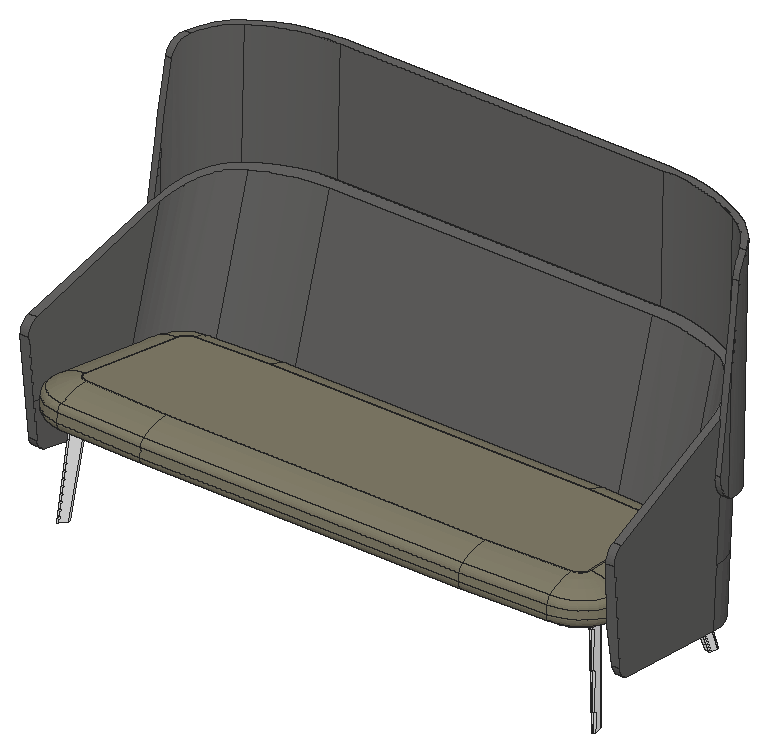
Revit family "Seating-Lounge-Teknion-STRE_Cover-R2014", category Furniture, Revit 2014 (continued)
Automatic sketch dimensions
  plane 3 "Center L/R" to SweptBlend 7 sketch curve = 1' - 7.1628"
  SweptBlend 7 sketch curve to SweptBlend 7 sketch curve = 0' - 1.41294"
  Blend 8 sketch curve to plane 18 = 0' - 5.3669"
  Blend 8 sketch curve to plane 7 "Back" = 0' - 7.14917"
  Blend 8 sketch curve to Blend 8 sketch curve = 0' - 0.05027"
  Blend 8 sketch curve to Blend 8 sketch curve = 0' - 0.56781"
  Blend 8 sketch curve to Blend 8 sketch curve = 0' - 0.589"
  Blend 8 sketch curve to Blend 8 sketch curve = 0' - 0.13348"
  Blend 8 sketch curve to Blend 8 sketch curve = 0' - 0.1557"
  Blend 8 sketch curve to Blend 8 sketch curve = 0' - 0.11851"
  Blend 8 sketch curve to Blend 8 sketch curve = 0' - 0.07278"
  Blend 8 sketch curve to Blend 8 sketch curve = 0' - 0.04133"
  Blend 8 sketch curve to Blend 8 sketch curve = 0' - 0.0953"
  Blend 8 sketch curve to Blend 8 sketch curve = 0' - 0.10732"
  Blend 8 sketch curve to Blend 8 sketch curve = 0' - 0.01202"
  Blend 8 sketch curve to Blend 8 sketch curve = 0' - 0.0697"
  Blend 8 sketch curve to plane 18 = 0' - 6.88926"
  Blend 8 sketch curve to plane 1 "Center F/B" = 0' - 5.91556"
  Blend 8 sketch curve to Blend 8 sketch curve = 0' - 0.0539"  (x2)
  Blend 8 sketch curve to Blend 8 sketch curve = 0' - 0.11947"
  Blend 8 sketch curve to Blend 8 sketch curve = 0' - 0.05424"
  Blend 8 sketch curve to Blend 8 sketch curve = 0' - 0.14918"  (x2)
  Blend 8 sketch curve to Blend 8 sketch curve = 0' - 0.06964"
  Blend 8 sketch curve to Blend 8 sketch curve = 0' - 0.13998"
  Blend 8 sketch curve to Blend 8 sketch curve = 0' - 0.01568"
  Blend 8 sketch curve to Blend 8 sketch curve = 0' - 0.09071"
  plane 18 to Blend 9 sketch curve = 0' - 4.27315"
  plane 8 "Front" to Blend 9 sketch curve = 0' - 5.02667"
  Blend 9 sketch curve to Blend 9 sketch curve = 0' - 0.04133"  (x2)
  Blend 9 sketch curve to Blend 9 sketch curve = 0' - 0.0918"
  Blend 9 sketch curve to Blend 9 sketch curve = 0' - 0.04168"
  Blend 9 sketch curve to Blend 9 sketch curve = 0' - 0.11437"  (x2)
  Blend 9 sketch curve to Blend 9 sketch curve = 0' - 0.04159"
  Blend 9 sketch curve to Blend 9 sketch curve = 0' - 0.10732"
  Blend 9 sketch curve to Blend 9 sketch curve = 0' - 0.01202"
  Blend 9 sketch curve to Blend 9 sketch curve = 0' - 0.0697"
  plane 18 to Blend 9 sketch curve = 0' - 5.67051"
  plane 8 "Front" to Blend 9 sketch curve = 0' - 6.44819"
  Blend 9 sketch curve to Blend 9 sketch curve = 0' - 0.06556"
  Blend 9 sketch curve to Blend 9 sketch curve = 0' - 0.78062"
  Blend 9 sketch curve to Blend 9 sketch curve = 0' - 0.85859"
  Blend 9 sketch curve to Blend 9 sketch curve = 0' - 0.17371"
  Blend 9 sketch curve to Blend 9 sketch curve = 0' - 0.20308"
  Blend 9 sketch curve to Blend 9 sketch curve = 0' - 0.06964"
  Blend 9 sketch curve to Blend 9 sketch curve = 0' - 0.09494"
  Blend 9 sketch curve to Blend 9 sketch curve = 0' - 0.0539"
  Blend 9 sketch curve to Blend 9 sketch curve = 0' - 0.1243"
  Blend 9 sketch curve to Blend 9 sketch curve = 0' - 0.13998"
  Blend 9 sketch curve to Blend 9 sketch curve = 0' - 0.01568"
  Blend 9 sketch curve to Blend 9 sketch curve = 0' - 0.09071"
  plane 9 to Sweep 10 sketch curve = 0' - 0.34851"
  plane 7 "Back" to Sweep 10 sketch curve = 0' - 0.66192"
  profile plane to Sweep 10 sketch curve = 0' - 11.82534"
  profile plane to Sweep 10 sketch curve = 0' - 11.75297"
  Sweep 10 sketch curve to plane 3 "Center L/R" = 2' - 10.56465"
  Sweep 10 sketch curve to Sweep 10 sketch curve = 0' - 0.07238"  (x2)
  Sweep 10 sketch curve to Sweep 10 sketch curve = 0' - 3.40214"  (x2)
  Sweep 10 sketch curve to Sweep 10 sketch curve = 0' - 0.04976"  (x2)
  profile plane to Sweep 10 sketch curve = 0' - 2.09662"  (x2)
  profile plane to Sweep 10 sketch curve = 0' - 0.05397"
  Sweep 10 sketch curve to profile plane = 0' - 0.69603"
  Sweep 10 sketch curve to Sweep 10 sketch curve = 0' - 0.68423"
  Sweep 10 sketch curve to Sweep 10 sketch curve = 0' - 7.01081"
  Sweep 10 sketch curve to Sweep 10 sketch curve = 0' - 0.32766"
  Sweep 10 sketch curve to Sweep 10 sketch curve = 0' - 0.75922"  (x2)
  Sweep 10 sketch curve to Sweep 10 sketch curve = 0' - 4.51646"  (x2)
  Sweep 10 sketch curve to Sweep 10 sketch curve = 0' - 9.7351"
  Sweep 10 sketch curve to Sweep 10 sketch curve = 0' - 0"
  plane 3 "Center L/R" to Sweep 10 sketch curve = 1' - 7.1628"
  Sweep 10 sketch curve to Sweep 10 sketch curve = 0' - 0.06341"
  Sweep 10 sketch curve to Sweep 10 sketch curve = 0' - 9.79851"
  Sweep 10 sketch curve to Sweep 10 sketch curve = 0' - 0.34038"
  Sweep 10 sketch curve to Sweep 10 sketch curve = 0' - 0.03055"
  Sweep 10 sketch curve to Sweep 10 sketch curve = 0' - 3.13598"
  plane 18 to Sweep 11 sketch curve = 0' - 4.079"
  Sweep 11 sketch curve to profile plane = 0' - 6.12872"
  Sweep 11 sketch curve to Sweep 11 sketch curve = 0' - 2.28453"
  Sweep 11 sketch curve to profile plane = 0' - 9.2625"
  Sweep 11 sketch curve to Sweep 11 sketch curve = 0' - 1.98421"
  Sweep 11 sketch curve to Sweep 11 sketch curve = 0' - 8.52574"
  Sweep 11 sketch curve to Sweep 11 sketch curve = 0' - 0.43019"
  Sweep 11 sketch curve to Sweep 11 sketch curve = 0' - 2.5698"
  Sweep 11 sketch curve to Sweep 11 sketch curve = 0' - 3.15517"
  plane 4 "Top" to Sweep 11 sketch curve = 0' - 10.8667"
  Sweep 11 sketch curve to Sweep 11 sketch curve = 0' - 2.12088"
  Sweep 11 sketch curve to Sweep 11 sketch curve = 0' - 1.96832"
  Sweep 11 sketch curve to Sweep 11 sketch curve = 0' - 7"
  Sweep 11 sketch curve to Sweep 11 sketch curve = 0' - 3.73695"
  Masking region 1 sketch curve to plane 18 = 0' - 0.07696"
  plane 17 to Masking region 1 sketch curve = 0' - 2.0046"
  Masking region 1 sketch curve to plane 7 "Back" = 0' - 4.86454"
  Masking region 1 sketch curve to plane 18 = 0' - 0.96174"
  Masking region 1 sketch curve to Masking region 1 sketch curve = 0' - 0.05981"  (x2)
  Masking region 1 sketch curve to Masking region 1 sketch curve = 0' - 1.03733"
  Masking region 1 sketch curve to plane 18 = 0' - 1.2849"
  Masking region 1 sketch curve to Masking region 1 sketch curve = 0' - 0.24163"  (x2)
  Masking region 1 sketch curve to plane 18 = 0' - 1.65072"
  Masking region 1 sketch curve to Masking region 1 sketch curve = 0' - 0.67316"
  Masking region 1 sketch curve to plane 18 = 0' - 2.0046"
  Masking region 1 sketch curve to Masking region 1 sketch curve = 0' - 11.72385"
  Masking region 1 sketch curve to Masking region 1 sketch curve = 1' - 2.10469"  (x2)
  plane 17 to Masking region 1 sketch curve = 1' - 1.07977"
  plane 17 to Masking region 1 sketch curve = 0' - 1.69504"
  plane 17 to Masking region 1 sketch curve = 0' - 1.65072"
  plane 17 to Masking region 1 sketch curve = 0' - 1.35593"
  plane 17 to Masking region 1 sketch curve = 0' - 1.2849"
  Masking region 1 sketch curve to Masking region 1 sketch curve = 0' - 0.67322"
  plane 17 to Masking region 1 sketch curve = 0' - 0.07696"
  Masking region 1 sketch curve to plane 1 "Center F/B" = 0' - 6.87766"  (x2)
  plane 18 to Masking region 1 sketch curve = 35' - 2.50828"
  Masking region 1 sketch curve to Masking region 1 sketch curve = 0' - 0.0709"  (x2)
  Masking region 1 sketch curve to Masking region 1 sketch curve = 0' - 0.03662"
  Masking region 1 sketch curve to Masking region 1 sketch curve = 0' - 0.04034"
  Masking region 1 sketch curve to Masking region 1 sketch curve = 0' - 0.00005"  (x2)
  Masking region 1 sketch curve to plane 18 = 0' - 9.50665"
  plane 17 to Masking region 1 sketch curve = 0' - 9.50665"
  Masking region 1 sketch curve to Masking region 1 sketch curve = 0' - 0.18634"
  Masking region 1 sketch curve to Masking region 1 sketch curve = 0' - 0.09616"
  Masking region 1 sketch curve to plane 17 = 35' - 2.50828"
  Masking region 1 sketch curve to Masking region 1 sketch curve = 0' - 3.36255"
  Masking region 1 sketch curve to Masking region 1 sketch curve = 0' - 1.37808"  (x2)
  Masking region 1 sketch curve to Masking region 1 sketch curve = 0' - 0.06474"  (x2)
  Masking region 1 sketch curve to Masking region 1 sketch curve = 0' - 0.43826"  (x2)
  curve 16 to curve 33 = 0' - 0"  (x2)
  curve 87 to plane 7 "Back" = 0' - 2.01342"
  curve 75 to plane 1 "Center F/B" = 0' - 2.19508"
  curve 82 to curve 56 = 0' - 2.30379"
  curve 56 to curve 54 = 0' - 0.07278"
  curve 56 to curve 56 = 0' - 0.09942"
  curve 56 to curve 51 = 0' - 0.06562"
  curve 55 to curve 54 = 0' - 0.11622"
  curve 53 to curve 52 = 0' - 0.11487"
  curve 51 to curve 64 = 0' - 0.92803"
  curve 81 to curve 41 = 0' - 1.88188"
  curve 41 to curve 43 = 0' - 0.07278"
  curve 65 to curve 66 = 0' - 0.09494"
  curve 42 to curve 41 = 0' - 0.09551"
  curve 41 to curve 38 = 0' - 0.00834"
  curve 64 to curve 46 = 0' - 0.14336"
  curve 65 to curve 66 = 0' - 0.07795"
  curve 68 to curve 51 = 0' - 0.03612"
  curve 42 to curve 43 = 0' - 0.11851"
  curve 43 to curve 45 = 0' - 0.13348"
  curve 67 to curve 52 = 0' - 0.15681"
  curve 46 to curve 47 = 0' - 0.0539"
  curve 52 to curve 49 = 0' - 0.02421"
  curve 41 to curve 45 = 0' - 0.78982"
  curve 39 to curve 58 = 0' - 0.01037"
  curve 46 to curve 47 = 0' - 0.78353"
  curve 47 to curve 49 = 0' - 0.06556"
  curve 60 to curve 37 = 0' - 0.29679"
  curve 61 to curve 63 = 0' - 0.09494"
  curve 61 to curve 63 = 0' - 0.06964"
  curve 38 to plane 1 "Center F/B" = 0' - 5.96002"
  curve 63 to curve 59 = 0' - 0.17371"
  curve 36 to plane 1 "Center F/B" = 0' - 5.91556"
  curve 44 to curve 87 = 0' - 1.5888"
  curve 36 to curve 36 = 0' - 0.78074"
  curve 35 to curve 58 = 0' - 0.08816"
  curve 84 to curve 81 = 0' - 1.23622"
  curve 85 to curve 79 = 0' - 0.77979"
  curve 80 to curve 72 = 0' - 0.13884"
  curve 71 to curve 79 = 0' - 0.13884"
  curve 79 to curve 85 = 0' - 0.77979"
  curve 77 to plane 7 "Back" = 0' - 2.62471"
  curve 77 to curve 10 = 0' - 2.91682"
  curve 24 to plane 1 "Center F/B" = 0' - 6.4099"
  curve 2 to plane 1 "Center F/B" = 0' - 6.22029"
  curve 83 to plane 7 "Back" = 0' - 2.01342"
  curve 78 to curve 83 = 0' - 1.23622"
  curve 2 to plane 1 "Center F/B" = 0' - 5.91556"
  curve 25 to curve 28 = 0' - 0.11947"
  curve 3 to curve 4 = 0' - 0.12958"
  curve 28 to curve 29 = 0' - 0.05424"
  curve 28 to curve 29 = 0' - 0.06964"
  curve 29 to curve 26 = 0' - 0.09494"
  curve 15 to curve 14 = 0' - 0.11947"
  curve 13 to curve 14 = 0' - 0.0539"
  curve 24 to curve 10 = 0' - 0.64012"
  curve 5 to curve 11 = 0' - 0.01039"
  curve 13 to curve 12 = 0' - 0.0539"
  curve 15 to plane 8 "Front" = 0' - 4.78605"
  curve 11 to curve 10 = 0' - 0.0918"
  curve 18 to plane 8 "Front" = 0' - 4.76089"
  curve 12 to curve 17 = 0' - 0.1047"
  curve 10 to curve 9 = 0' - 0.04168"
  curve 16 to curve 32 = 0' - 0.05424"
  curve 12 to curve 30 = 0' - 0.03746"
  curve 11 to curve 4 = 0' - 0.75701"
  curve 4 to curve 7 = 0' - 0.00834"
  curve 33 to curve 32 = 0' - 0.06964"
  curve 9 to curve 9 = 0' - 0.11851"
  curve 31 to curve 30 = 0' - 0.09391"
  curve 9 to curve 7 = 0' - 0.07278"
  curve 18 to curve 19 = 0' - 0.07319"
  curve 19 to curve 20 = 0' - 0.04168"
  curve 31 to curve 17 = 0' - 0.9651"
  curve 23 to curve 22 = 0' - 0.02529"
  curve 19 to curve 20 = 0' - 0.11851"
  curve 20 to curve 22 = 0' - 0.07278"
  curve 69 to plane 1 "Center F/B" = 0' - 2.19508"
  curve 76 to curve 83 = 0' - 0.73733"
  plane 18 to curve 73 = 1' - 2.76575"
  curve 80 to plane 8 "Front" = 0' - 3.42048"
  plane 18 to curve 80 = 0' - 10.08546"
  curve 82 to curve 75 = 0' - 0.27914"
  curve 89 to curve 81 = 0' - 0.89773"
  curve 84 to curve 81 = 0' - 0.73733"
  curve 74 to curve 75 = 0' - 0.03371"
  curve 56 to curve 55 = 0' - 0.11437"
  curve 51 to curve 57 = 0' - 0.04875"
  curve 53 to curve 53 = 0' - 0.07319"
  curve 42 to curve 42 = 0' - 0.04159"
  curve 65 to curve 65 = 0' - 0.05424"
  curve 41 to curve 40 = 0' - 0.11437"
  curve 65 to curve 67 = 0' - 0.07795"
  curve 43 to curve 44 = 0' - 0.04168"
  curve 67 to curve 50 = 0' - 0.00731"
  curve 68 to curve 46 = 0' - 0.00103"
  curve 67 to curve 50 = 0' - 0.02161"
  curve 39 to curve 39 = 0' - 0.09157"
  curve 48 to curve 48 = 0' - 0.11947"
  curve 60 to curve 37 = 0' - 0.03934"
  curve 63 to curve 61 = 0' - 0.05424"
  curve 61 to curve 62 = 0' - 0.06964"
  curve 35 to curve 35 = 0' - 0.14205"
  curve 59 to curve 58 = 0' - 0.01811"
  curve 59 to curve 73 = 0' - 1.59403"
  curve 74 to plane 1 "Center F/B" = 0' - 1.51055"
  curve 35 to curve 74 = 0' - 2.73492"
  curve 48 to curve 80 = 0' - 10.5302"
  curve 78 to plane 8 "Front" = 0' - 3.42049"
  curve 78 to curve 14 = 0' - 10.53311"
  curve 70 to plane 1 "Center F/B" = 0' - 1.51055"
  curve 70 to curve 1 = 0' - 2.72534"
  curve 70 to curve 25 = 0' - 1.59403"
  curve 25 to plane 1 "Center F/B" = 0' - 6.49658"
  curve 24 to curve 25 = 0' - 0.04545"
  curve 28 to curve 27 = 0' - 0.06964"
  curve 4 to curve 26 = 0' - 0.02626"
  curve 11 to curve 5 = 0' - 0.09169"
  curve 18 to curve 33 = 0' - 0.01429"
  curve 12 to curve 34 = 0' - 0.0109"
  curve 6 to curve 4 = 0' - 0.10603"
  curve 8 to curve 9 = 0' - 0.04159"
  curve 23 to curve 23 = 0' - 0.08908"
  curve 21 to curve 20 = 0' - 0.04159"
  curve 69 to curve 70 = 0' - 0.03371"
  curve 76 to curve 88 = 0' - 0.8974"
  curve 69 to curve 76 = 0' - 0.27914"
  plane 8 "Front" to curve 71 = 0' - 7.95128"
  curve 9 to curve 9 = 0' - 0.04597"
  curve 11 to curve 5 = 0' - 0.01638"
  curve 39 to curve 58 = 0' - 0.01635"
  curve 6 to curve 4 = 0' - 0.0325"
  curve 83 to curve 76 = 0' - 1.116"
  curve 28 to curve 29 = 0' - 0.02701"
  curve 63 to curve 59 = 0' - 0.04914"
  curve 58 to curve 37 = 0' - 0.3495"
  curve 35 to curve 36 = 0' - 0.18893"
  curve 12 to curve 30 = 0' - 0.07233"
  curve 51 to curve 64 = 0' - 0.07726"
  curve 46 to curve 47 = 0' - 0.30173"
  curve 47 to curve 49 = 0' - 0.23069"
  curve 17 to curve 23 = 0' - 0.06071"
  curve 51 to curve 56 = 0' - 0.09213"
  curve 64 to curve 66 = 0' - 0.15553"
  curve 49 to curve 67 = 0' - 0.06799"
  curve 50 to curve 52 = 0' - 0.02517"
  curve 20 to curve 19 = 0' - 0.04597"
  curve 52 to curve 53 = 0' - 0.01842"
  curve 89 to curve 81 = 0' - 1.116"
  curve 76 to curve 88 = 0' - 0.55215"
  curve 81 to curve 89 = 0' - 0.55558"
  curve 50 to curve 67 = 0' - 0.01885"
